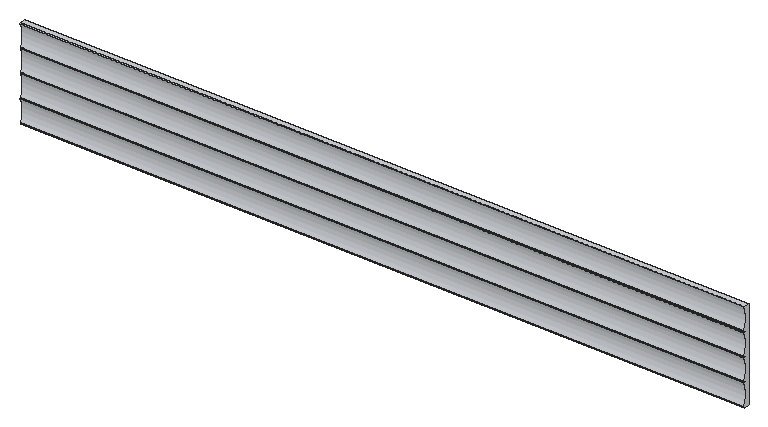
Revit family "OracDecor_W114", category Обобщенные модели, Revit 2019
Family settings
  Может служить основой для арматурных стержней = Нет
  Размер круглого соединителя = Использовать диаметр
  Тип детали = Нормальный
  На основе рабочей плоскости = Нет
  Всегда вертикально = Да
  При загрузке вырезать с полостями = Нет
  Общий = Нет
  Точка расчета площади = Нет
Parameters
  Изготовитель = "Family from POCHERTEAM"  # constant formula
  URL = "t.me/pocherteam"
Reference planes
  plane 1 "По центру (Вперед/Назад)": y = 0
  plane 2: z = 0
  plane 3 "По центру (Влево/Вправо)": x = 0
Forms (mm)
  Extrusion 1, solid
    sketch origin (0, 0, 0) x (0, 1, 0) y (0, 0, 1)
      loop
        line (0, 0) -> (0, 250) -> (-13.5, 250) -> (-15, 248.5)
        arc (-15, 248.5) -> (-8.328, 218.75) -> (-15, 189) r 69.662
        line (-15, 189) -> (-13.5, 187.5) -> (-15, 186)
        arc (-15, 186) -> (-8.328, 156.25) -> (-15, 126.5) r 69.662
        line (-15, 126.5) -> (-13.5, 125) -> (-15, 123.5)
        arc (-15, 123.5) -> (-8.328, 93.75) -> (-15, 64) r 69.662
        line (-15, 64) -> (-13.5, 62.5) -> (-15, 61)
        arc (-15, 61) -> (-8.328, 31.25) -> (-15, 1.5) r 69.662
        line (-15, 1.5) -> (-13.5, 0) -> (0, 0)
    from 0 to 2000
Dimensions and locks
  Extrusion 1 to plane 3 "По центру (Влево/Вправо)" = 2000 mm
  Extrusion 1 to level = 250 mm
  Extrusion 1 to plane 1 "По центру (Вперед/Назад)" = 15 mm
  plane 3 "По центру (Влево/Вправо)" to Extrusion 1 = 2000 mm
  aligned and locked: level to plane 2
